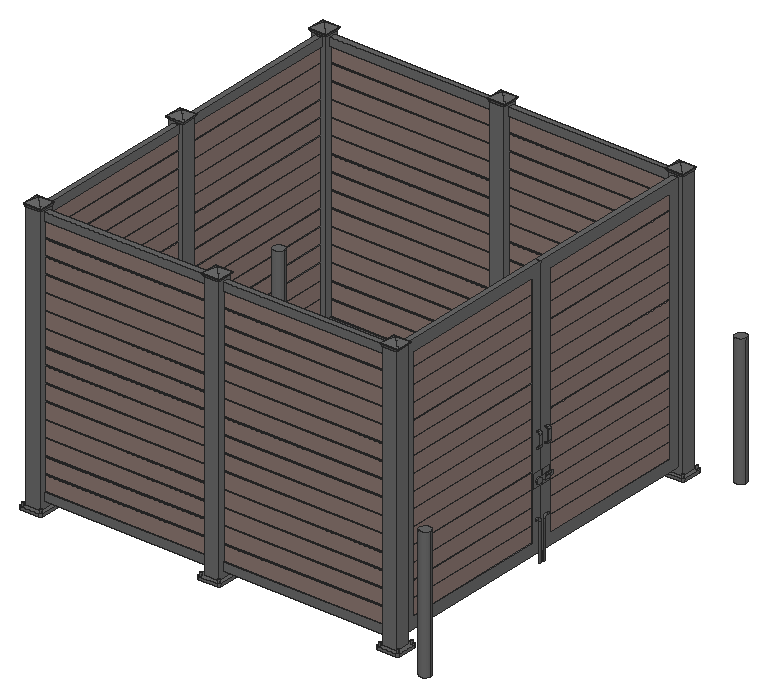
Revit family "Enclosure_System-CityScapes-Covrit-1111", category Specialty Equipment, Revit 2021
Family settings
  Round Connector Dimension = Use Diameter
  Part Type = Normal
  Work Plane-Based = No
  Always vertical = Yes
  Cut with Voids When Loaded = No
  Shared = No
  Room Calculation Point = No
Parameters (values of type "8' Height")
  Width = 11' - 0"  # constant formula
  URL = "https://cityscapesinc.com/"
  Square Posts Material [instance] = Aluminum - CityScapes - Electric Black
  Specification = "https://www.arcat.com/company/cityscapes-international-inc-40042/spec"
  Round Posts Material [instance] = Aluminum - CityScapes - Electric Black
  Product Page URL = "https://www.arcat.com/arcatcos/cos40/arc40042.html"
  Post Height = Square_Post-Covrit-CityScapes : Square Post 8'
  Panel Material [instance] = PVC Board - CityScapes - Plankwall - Sequoia
  Model = "Covrit Dumpster Enclosures"  # constant formula
  Manufacturer = "CityScapes"  # constant formula
  Length = 11' - 0"  # constant formula
  Keynote = "32 35 00 "
  Height = 8' - 0"
  Frame Material [instance] = Aluminum - CityScapes - Electric Black
  Description = "Dumpster Enclosure"  # constant formula
  Default Elevation = 0' - 0"
  Copyright = "© 2023 ARCAT"  # constant formula
  CAD Details = "https://www.arcat.com/company/cityscapes-international-inc-40042/cad"
Types (3): name | Post Height | Height
  6' Height | Square_Post-Covrit-CityScapes : Square Post 6' | 6' - 0"
  7' Height | Square_Post-Covrit-CityScapes : Square Post 7' | 7' - 0"
  8' Height | Square_Post-Covrit-CityScapes : Square Post 8' | 8' - 0"
Reference planes (in)
  plane 1 "Center (Front/Back)": y = 0
  plane 2: z = 0
  plane 3 "Center (Left/Right)": x = 0
  plane 4: x = 66
  plane 5: x = -66
  plane 6: y = 66
  plane 7: y = -66
  plane 8: z = 99.5
  plane 9: z = 3.5
Forms (in)
  Extrusion 1, solid, material "Aluminum - CityScapes - Electric Black" <- "Round Posts Material"
    sketch origin (0, 0, 0) x (1, 0, 0) y (0, 1, 0)
      loop
        circle (82.5, -73) r 2
      loop
        circle (82.5, 73) r 2
      loop
        circle (-53.99898, -30) r 2
      loop
        circle (-54, 30) r 2
    from 0 to 48
  Sweep 2, solid, material "Aluminum - CityScapes - Electric Black"
    path origin (-8.47973, -0.03543, 0) x (0, 1, 0) y (0, 0, 1)
      loop
        line (-1, 0) -> (-1, 14)
        arc (-1, 14) -> (-1.29289, 14.70711) -> (-2, 15) r 1
        line (-2, 15) -> (-2.75, 15)
    profile origin (-8.47973, -1.03543, 7) x (0, -1, 0) y (1, 0, 0)
      loop
        circle (0, 75.75) r 0.30152
  Sweep 3, solid, material "Aluminum - CityScapes - Electric Black"
    path origin (-8.5, 0, 0) x (1, 0, 0) y (0, 0, 1)
      loop
        line (75.46875, 38.76865) -> (75.96875, 38.76865)
        arc (75.96875, 38.76865) -> (76.67586, 39.06154) -> (76.96875, 39.76865) r 1
        line (76.96875, 39.76865) -> (76.96875, 43.26865)
        arc (76.96875, 43.26865) -> (76.67586, 43.97576) -> (75.96875, 44.26865) r 1
        line (75.96875, 44.26865) -> (75.46875, 44.26865)
    profile origin (68.46875, 0, 41.51865) x (-1, 0, 0) y (0, -1, 0)
      loop
        line (-0.125, -2.5) -> (0.125, -2.5) -> (0.125, -1.5) -> (-0.125, -1.5) -> (-0.125, -2.5)
      loop
        line (-0.125, 2.5) -> (-0.125, 1.5) -> (0.125, 1.5) -> (0.125, 2.5) -> (-0.125, 2.5)
  Sweep 4, solid, material "Aluminum - CityScapes - Electric Black"
    path origin (-8.47973, 0.03543, 0) x (0, -1, 0) y (0, 0, -1)
      loop
        line (-1, 0) -> (-1, -14)
        arc (-1, -14) -> (-1.29289, -14.70711) -> (-2, -15) r 1
        line (-2, -15) -> (-2.75, -15)
    profile origin (-8.47973, 1.03543, 7) x (0, -1, 0) y (1, 0, 0)
      loop
        circle (0, 75.75) r 0.30152
Lines and regions (in)
  symbolic lines
    curve 1: line (66, 66, 0) -> (132.875, 66, 0)
    curve 2: arc (66.875, 0, 0) -> (113.54405, 19.33095, 0) -> (132.875, 66, 0) r 66
    curve 3: line (66, -66, 0) -> (132.875, -66, 0)
    curve 4: arc (66.875, 0, 0) -> (113.54405, -19.33095, 0) -> (132.875, -66, 0) r 66
Dimensions and locks (in)
  "Width": plane 5 to plane 4
  equal spacing: plane 5, plane 3 "Center (Left/Right)", plane 4
  "Length": plane 6 to plane 7
  equal spacing: plane 6, plane 1 "Center (Front/Back)", plane 7
  "Height": plane 8 to plane 9
  plane 8 to plane 2 = 8' - 3 1/2"
  nested 11 to level = 0' - 3 1/2"
  nested 10 to nested 10 = 0' - 3 1/8"
  locked: nested 16 to plane 2 at 27.92857
  locked: plane 9 to plane 2 at 3.5
  nested 1 to nested 8 to nested 3 = 5' - 6", 5' - 6"
  nested 5 to nested 7 to nested 1 = 5' - 6", 5' - 6"
  nested 2 to plane 1 "Center (Front/Back)" to nested 3 = 5' - 3.49483", 5' - 3.36985"
  nested 5 to nested 6 to nested 2 = 5' - 6", 5' - 6"
  nested 5 to nested 2 = 11' - 0"
  aligned and locked: plane 2 to level
  aligned and locked: nested 3 to plane 6
  aligned and locked: nested 2 to plane 7
  aligned and locked: nested 2 to plane 4
  aligned and locked: plane 4 to nested 3
  aligned and locked: plane 5 to nested 1
  aligned and locked: nested 1 to plane 6
  aligned and locked: nested 5 to plane 7
  aligned and locked: nested 7 to plane 1 "Center (Front/Back)"
  aligned and locked: plane 3 "Center (Left/Right)" to nested 8
  aligned and locked: nested 8 to plane 6
  aligned and locked: nested 6 to plane 3 "Center (Left/Right)"
  aligned and locked: nested 6 to plane 7
  aligned and locked: Extrusion 1 to plane 2
  aligned and locked: nested 2 to plane 2
  aligned and locked: nested 3 to plane 2
  aligned and locked: plane 2 to nested 2
  aligned and locked: nested 6 to plane 2
  aligned and locked: nested 8 to plane 2
  aligned and locked: plane 2 to nested 6
  aligned and locked: nested 16 to plane 1 "Center (Front/Back)"
  aligned and locked: plane 6 to nested 4
  aligned and locked: plane 6 to nested 9
  aligned and locked: nested 13 to plane 5
  aligned and locked: nested 12 to plane 5
  aligned and locked: nested 10 to plane 7
  aligned and locked: nested 11 to plane 7
  aligned and locked: plane 4 to nested 14
  aligned and locked: nested 15 to plane 4
  aligned and locked: Sweep 3 to nested 14
Automatic sketch dimensions
  Extrusion 1 sketch curve to Extrusion 1 sketch curve = 0' - 0"  (x8)
  plane 5 to Extrusion 1 sketch curve = 1' - 0"
  plane 5 to Extrusion 1 sketch curve = 1' - 0.00102"
  Extrusion 1 sketch curve to plane 7 = 0' - 7"
  plane 4 to Extrusion 1 sketch curve = 1' - 4 1/2"  (x2)
  plane 6 to Extrusion 1 sketch curve = 0' - 7"
  plane 1 "Center (Front/Back)" to Extrusion 1 sketch curve = 2' - 6"
  Extrusion 1 sketch curve to plane 1 "Center (Front/Back)" = 2' - 6"
  Extrusion 1 sketch curve to Extrusion 1 sketch curve = 0' - 2"  (x4)
  Sweep 2 sketch curve to level = 0' - 0"
  plane 1 "Center (Front/Back)" to Sweep 2 sketch curve = 0' - 2.03543"
  Sweep 2 sketch curve to Sweep 2 sketch curve = 0' - 1"
  level to Sweep 2 sketch curve = 1' - 2"
  Sweep 2 sketch curve to Sweep 2 sketch curve = 0' - 0 3/4"
  Sweep 2 sketch curve to profile plane = 0' - 0"
  profile plane to Sweep 2 sketch curve = 6' - 3 3/4"
  Sweep 4 sketch curve to level = 0' - 0"
  Sweep 4 sketch curve to plane 1 "Center (Front/Back)" = 0' - 2.03543"
  Sweep 4 sketch curve to Sweep 4 sketch curve = 0' - 1"
  level to Sweep 4 sketch curve = 1' - 2"
  Sweep 4 sketch curve to Sweep 4 sketch curve = 0' - 0 3/4"
  Sweep 4 sketch curve to profile plane = 0' - 0"
  profile plane to Sweep 4 sketch curve = 6' - 3 3/4"
  plane 6 to curve 1 = 0' - 0"
  plane 7 to curve 3 = 0' - 0"
  plane 1 "Center (Front/Back)" to curve 2 = 0' - 0"
  plane 1 "Center (Front/Back)" to curve 4 = 0' - 0"
  plane 4 to curve 4 = 0' - 0 7/8"
  plane 4 to curve 2 = 0' - 0 7/8"
  curve 3 to curve 4 = 0' - 0 7/8"
  curve 1 to curve 2 = 0' - 0 7/8"
  Sweep 3 sketch curve to Sweep 3 sketch curve = 0' - 1"  (x4)
  level to Sweep 3 sketch curve = 3' - 2.76865"
  Sweep 3 sketch curve to Sweep 3 sketch curve = 0' - 3 1/2"
  Sweep 3 sketch curve to Sweep 3 sketch curve = 0' - 0 1/2"  (x2)
  profile plane to Sweep 3 sketch curve = 0' - 0 1/8"  (x2)
  Sweep 3 sketch curve to profile plane = 0' - 0 1/8"  (x2)
  Sweep 3 sketch curve to plane 1 "Center (Front/Back)" = 0' - 2 1/2"
  plane 1 "Center (Front/Back)" to Sweep 3 sketch curve = 0' - 1 1/2"
  plane 4 to Sweep 3 sketch curve = 0' - 1 15/32"
  radius of Sweep 2 sketch curve = 0' - 0.30152"
  radius of Sweep 4 sketch curve = 0' - 0.30152"
Nested families (in)
  nested 1: "Square_Post-Covrit-CityScapes" at (-66, 66, 0), type <- "Post Height", type "Square Post 8'"
  nested 2: "Square_Post-Covrit-CityScapes" at (66, -66, 0), type <- "Post Height", type "Square Post 8'"
  nested 3: "Square_Post-Covrit-CityScapes" at (66, 66, 0), type <- "Post Height", type "Square Post 8'"
  nested 4: "Panel-Covrit-CityScapes" at (-33.00071, 64.96875, 3.5) x (0, 1, 0) z (0, 0, 1), FRAME MATERIAL <- "Frame Material", MATERIAL <- "Panel Material", type "Panel"
    with Panel_Length 5' - 0 189/256", MATERIAL PVC Board - CityScapes - Plankwall - Sequoia, FRAME MATERIAL Aluminum - CityScapes - Electric Black
  nested 5: "Square_Post-Covrit-CityScapes" at (-66, -66, 0), type <- "Post Height", type "Square Post 8'"
  nested 6: "Square_Post-Covrit-CityScapes" at (0, -66, 0), type <- "Post Height", type "Square Post 8'"
  nested 7: "Square_Post-Covrit-CityScapes" at (-66, 0, 0), type <- "Post Height", type "Square Post 8'"
  nested 8: "Square_Post-Covrit-CityScapes" at (0, 66, 0), type <- "Post Height", type "Square Post 8'"
  nested 9: "Panel-Covrit-CityScapes" at (33, 64.96875, 3.5) x (0, 1, 0) z (0, 0, 1), FRAME MATERIAL <- "Frame Material", MATERIAL <- "Panel Material", type "Panel"
    with Panel_Length 5' - 0.73687", MATERIAL PVC Board - CityScapes - Plankwall - Sequoia, FRAME MATERIAL Aluminum - CityScapes - Electric Black
  nested 10: "Panel-Covrit-CityScapes" at (-33, -64.96875, 3.5) x (0, -1, 0) z (0, 0, 1), FRAME MATERIAL <- "Frame Material", MATERIAL <- "Panel Material", type "Panel"
    with Panel_Length 5' - 0.73687", MATERIAL PVC Board - CityScapes - Plankwall - Sequoia, FRAME MATERIAL Aluminum - CityScapes - Electric Black
  nested 11: "Panel-Covrit-CityScapes" at (33, -64.96875, 3.5) x (0, -1, 0) z (0, 0, 1), FRAME MATERIAL <- "Frame Material", MATERIAL <- "Panel Material", type "Panel"
    with Panel_Length 5' - 0.73687", MATERIAL PVC Board - CityScapes - Plankwall - Sequoia, FRAME MATERIAL Aluminum - CityScapes - Electric Black
  nested 12: "Panel-Covrit-CityScapes" at (-64.96875, -33.06249, 3.5) x (-1, 0, 0) z (0, 0, 1), FRAME MATERIAL <- "Frame Material", MATERIAL <- "Panel Material", type "Panel"
    with Panel_Length 5' - 0.86468", MATERIAL PVC Board - CityScapes - Plankwall - Sequoia, FRAME MATERIAL Aluminum - CityScapes - Electric Black
  nested 13: "Panel-Covrit-CityScapes" at (-64.96875, 32.93751, 3.5) x (-1, 0, 0) z (0, 0, 1), FRAME MATERIAL <- "Frame Material", MATERIAL <- "Panel Material", type "Panel"
    with Panel_Length 5' - 0.86468", MATERIAL PVC Board - CityScapes - Plankwall - Sequoia, FRAME MATERIAL Aluminum - CityScapes - Electric Black
  nested 14: "Gate-Panel-CityScapes" at (64.96875, 31.75, 3.5), FRAME MATERIAL <- "Frame Material", MATERIAL <- "Panel Material", type "Gate Panel"
    with Planks Length 4' - 7 1/2", Panel_Length 5' - 3 1/2", MATERIAL PVC Board - CityScapes - Plankwall - Sequoia, FRAME MATERIAL Aluminum - CityScapes - Electric Black, Planks Qunatity Aux 15, Planks Quantity 16, Panel_Height 8' - 0", Gap Between Planks 0' - 7 1/2"
  nested 15: "Gate-Panel-CityScapes" at (64.96875, -31.75, 3.5), FRAME MATERIAL <- "Frame Material", MATERIAL <- "Panel Material", type "Gate Panel"
    with Planks Length 4' - 7 1/2", Panel_Length 5' - 3 1/2", MATERIAL PVC Board - CityScapes - Plankwall - Sequoia, FRAME MATERIAL Aluminum - CityScapes - Electric Black, Planks Qunatity Aux 15, Planks Quantity 16, Panel_Height 8' - 0", Gap Between Planks 0' - 7 1/2"
  nested 16: "Gate-CityScapes-Modern_Latch" at (66, 0, 27.92857) x (0, 1, 0) z (0, 0, 1), type "Latch"
Definition of nested family "Square_Post-Covrit-CityScapes"
  Parameters (values of type "Square Post 7'")
    TPost_Height = 7' - 4"
    Post_DIM = 0' - 8.2682"
    Post Material = none
    Default Elevation = 0' - 0"
  Types (3): name | TPost_Height | Post_DIM
    Square Post 6' | 6' - 4" | 0' - 8.26536"
    Square Post 7' | 7' - 4" | 0' - 8.2682"
    Square Post 8' | 8' - 4" | 0' - 8.2682"
  Reference planes (in)
    plane 1 "Center (Front/Back)": y = 0
    plane 2: z = 0
    plane 3 "Center (Left/Right)": x = 0
    plane 4: x = 4.1341
    plane 5: y = 4.1341
    plane 6: y = -4.1341
    plane 7: x = -4.1341
    plane 8: z = 88
  Forms (in)
    Extrusion 1, solid, material <- "Post Material"
      sketch origin (0, 0, 0) x (1, 0, 0) y (0, 1, 0)
        loop
          line (2.63157, 2.50517) -> (-2.63157, 2.50517) -> (-2.63157, -2.63015) -> (2.63157, -2.63015) -> (2.63157, 2.50517)
      from 0 to 88
    Sweep 2, solid, material <- "Post Material"
      path in 3D
        loop
          line (-2.63157, 2.50517, 88) -> (-2.63157, -2.63015, 88) -> (2.63157, -2.63015, 88) -> (2.63157, 2.50517, 88) -> (-2.63157, 2.50517, 88)
      profile origin (0, 2.50517, 88) x (0, -1, 0) y (0, 0, 1)
        loop
          line (0, 0) -> (0, 0.0625) -> (-0.5, 0.92853) -> (-0.5, 1.1985) -> (2.50517, 2.93353) -> (2.50517, 2.96962) -> (-0.53125, 1.21654) -> (-0.53125, 0.92015) -> (0, 0)
    Extrusion 3, solid, material <- "Post Material"
      sketch origin (0, 0, 0) x (1, 0, 0) y (0, 1, 0)
        loop
          line (4.1341, -3.43396) -> (4.1341, 3.43396)
          arc (4.1341, 3.43396) -> (3.92903, 3.92903) -> (3.43396, 4.1341) r 0.70014
          line (3.43396, 4.1341) -> (-3.43396, 4.1341)
          arc (-3.43396, 4.1341) -> (-3.92903, 3.92903) -> (-4.1341, 3.43396) r 0.70014
          line (-4.1341, 3.43396) -> (-4.1341, -3.43396)
          arc (-4.1341, -3.43396) -> (-3.92903, -3.92903) -> (-3.43396, -4.1341) r 0.70014
          line (-3.43396, -4.1341) -> (3.43396, -4.1341)
          arc (3.43396, -4.1341) -> (3.92903, -3.92903) -> (4.1341, -3.43396) r 0.70014
      from 0 to 1
    Extrusion 4, solid, material <- "Post Material"
      sketch origin (0, 0, 0) x (1, 0, 0) y (0, 1, 0)
        loop
          circle (-3.38236, 3.27648) r 0.32836
        loop
          circle (3.29243, 3.27648) r 0.32836
        loop
          circle (3.29243, -3.27648) r 0.32836
        loop
          circle (-3.38236, -3.27648) r 0.32836
      from 0 to 2
  Cuts and joins
    joined: Extrusion 1, Sweep 2, Extrusion 3, Extrusion 4
  Lines and regions (in)
    sketch lines
      curve 1: line (2.63157, 2.50517, 88) -> (-2.63157, 2.50517, 88)
      curve 2: line (2.63157, -2.63015, 88) -> (2.63157, 2.50517, 88)
      curve 3: line (-2.63157, -2.63015, 88) -> (2.63157, -2.63015, 88)
      curve 4: line (-2.63157, 2.50517, 88) -> (-2.63157, -2.63015, 88)
  Dimensions and locks (in)
    "Post_DIM": plane 5 to plane 6
    "Post_DIM": plane 7 to plane 4
    "TPost_Height": plane 8 to plane 2
    equal spacing: cut or joined group of Extrusion 1, Sweep 2, Extrusion 3, Extrusion 4, plane 3 "Center (Left/Right)", cut or joined group of Extrusion 1, Sweep 2, Extrusion 3, Extrusion 4
    equal spacing: plane 7, plane 3 "Center (Left/Right)", plane 4
    aligned and locked: plane 2 to level
    aligned and locked: plane 8 to Extrusion 1
    aligned and locked: Extrusion 1 to plane 2
    aligned and locked: Sweep 2 sketch curve to profile plane
    aligned and locked: cut or joined group of Extrusion 1, Sweep 2, Extrusion 3, Extrusion 4 to plane 7
    aligned and locked: plane 4 to cut or joined group of Extrusion 1, Sweep 2, Extrusion 3, Extrusion 4
  Automatic sketch dimensions
    Extrusion 3 sketch curve to plane 6 = 0' - 0"
    Extrusion 3 sketch curve to plane 5 = 0' - 0"
    Extrusion 3 sketch curve to plane 4 = 0' - 0"
    Extrusion 3 sketch curve to plane 4 = 0' - 0.70014"  (x2)
    plane 7 to Extrusion 3 sketch curve = 0' - 0.70014"  (x2)
    plane 7 to Extrusion 3 sketch curve = 0' - 0"
    plane 7 to Extrusion 4 sketch curve = 0' - 0.75175"  (x2)
    Extrusion 4 sketch curve to plane 5 = 0' - 0.85762"  (x2)
    Extrusion 4 sketch curve to Extrusion 4 sketch curve = 0' - 0.32836"  (x4)
    Extrusion 4 sketch curve to plane 4 = 0' - 0.84167"  (x2)
    plane 6 to Extrusion 4 sketch curve = 0' - 0.85762"  (x2)
    Extrusion 4 sketch curve to Extrusion 4 sketch curve = 0' - 0"  (x2)
    plane 7 to Extrusion 1 sketch curve = 0' - 1.50253"
    plane 6 to Extrusion 1 sketch curve = 0' - 1.50395"
    Extrusion 1 sketch curve to plane 4 = 0' - 1.50253"
    Extrusion 1 sketch curve to plane 5 = 0' - 1.62893"
    Sweep 2 sketch curve to profile plane = 0' - 0"
    profile plane to Sweep 2 sketch curve = 0' - 0 1/2"
    Sweep 2 sketch curve to Sweep 2 sketch curve = 0' - 0 1/32"
    profile plane to Sweep 2 sketch curve = 0' - 0 1/16"
    profile plane to Sweep 2 sketch curve = 0' - 0.92015"
    Sweep 2 sketch curve to Sweep 2 sketch curve = 0' - 0.00837"
    Sweep 2 sketch curve to Sweep 2 sketch curve = 0' - 0.26997"
    Sweep 2 sketch curve to Sweep 2 sketch curve = 0' - 0.01804"
    Sweep 2 sketch curve to profile plane = 0' - 2.50517"
    Sweep 2 sketch curve to Sweep 2 sketch curve = 0' - 1.73504"
    Sweep 2 sketch curve to Sweep 2 sketch curve = 0' - 0.03608"
Definition of nested family "Panel-Covrit-CityScapes"
  Parameters (values of type "Covrit Panel")
    Planks Qunatity Aux = (Panel_Height - (0' 3 1/8" * 2) - Gap Between Planks) / 0' 5 1/2"  # 15
    Planks Quantity = (Panel_Height - (0' 3 1/8" * 2)) / 0' 5 1/2"  # 16
    Trim_Depth = 0' - 0 23/32"
    SOLID PANEL DEPTH = 0' - 1"
    Profile_Height = 0' - 5 1/2"  # constant formula
    Panel_Length [instance] = 6' - 0"
    Panel_Height = 8' - 0"
    MATERIAL [instance] = none
    Gap Between Planks = (Planks Quantity - 1) * 0' 0 1/2"  # 0' - 7 1/2"
    FRAME WIDTH = 0' - 3 1/8"  # constant formula
    FRAME MATERIAL [instance] = none
    FRAME DEPTH = 0' - 2"  # constant formula
    Description = ""
    Default Elevation = 0' - 0"
  Reference planes (in)
    plane 1 "Center (Front/Back)": y = 0
    plane 2: z = 0
    plane 3 "Center (Left/Right)": x = 0
    plane 4 "FrameLeft": y = 36
    plane 5 "FrameRight": y = -36
    plane 6 "top": z = 96
    plane 7 "framebottom": z = 92.875
    plane 8: z = 3.125
    plane 9: z = 48
    plane 10: x = 1.03125
    plane 11: x = 2
  Forms (in)
    Extrusion 1, solid, material <- "FRAME MATERIAL"
      sketch origin (0, 0, 0) x (0, 1, 0) y (0, 0, 1)
        loop
          line (36, 0) -> (36, 3.125) -> (-36, 3.125) -> (-36, 0) -> (36, 0)
        loop
          line (36, 96) -> (-36, 96) -> (-36, 92.875) -> (36, 92.875) -> (36, 96)
      from 0 to 2
    Extrusion 2, solid
      sketch origin (0, 0, 0) x (1, 0, 0) y (0, 0, 1)
        loop
          line (1.09375, 3.125) -> (1.09375, 92.875) -> (0.96875, 92.875) -> (0.96875, 3.125) -> (1.09375, 3.125)
      from -36 to 36
  Text (in)
    text "EXTERIOR" at (58.92048, 7.19966, 0), in view "Ref. Level"
    text "EXTERIOR" at (58.92048, 7.19966, 0), in view "Ref. Level Copy 1"
    text "EXTERIOR" at (40.89755, 0, 33.52979), in view "Side"
  Dimensions and locks (in)
    "Panel_Length": plane 4 "FrameLeft" to plane 5 "FrameRight"
    equal spacing: plane 4 "FrameLeft", plane 1 "Center (Front/Back)", plane 5 "FrameRight"  (x2)
    "FRAME WIDTH": plane 6 "top" to plane 7 "framebottom"
    "FRAME WIDTH": plane 8 to plane 2
    plane 4 "FrameLeft" to plane 5 "FrameRight" = 6' - 0"  (x2)
    equal spacing: plane 6 "top", plane 9, plane 2
    "Panel_Height": plane 6 "top" to plane 2
    plane 6 "top" to plane 2 = 8' - 0"
    equal spacing: group 1, group 3, group 4, group 5, group 6, group 7, group 8, group 9, group 10, group 11, group 12, group 13, group 14, group 15, group 2  (x3)
    "FRAME DEPTH": plane 11 to plane 3 "Center (Left/Right)"
    Extrusion 2 sketch curve to plane 10 to Extrusion 2 sketch curve = 0' - 0 1/16" locked, 0' - 0 1/16" locked
    aligned and locked: plane 2 to level
    aligned and locked: plane 4 "FrameLeft" to Extrusion 1 sketch curve
    aligned and locked: plane 6 "top" to Extrusion 1 sketch curve
    aligned and locked: plane 5 "FrameRight" to Extrusion 1 sketch curve
    aligned and locked: plane 2 to Extrusion 1 sketch curve
    aligned and locked: plane 7 "framebottom" to Extrusion 1 sketch curve
    aligned and locked: Extrusion 1 sketch curve to plane 8
    aligned and locked: Extrusion 1 to plane 3 "Center (Left/Right)"
    aligned and locked: nested 1 to plane 4 "FrameLeft"
    aligned and locked: nested 1 to plane 8
    aligned and locked: plane 10 to nested 1
    aligned and locked: plane 7 "framebottom" to nested 2
    aligned and locked: plane 10 to nested 2
    aligned and locked: plane 11 to Extrusion 1
    aligned and locked: plane 8 to Extrusion 2 sketch curve
    aligned and locked: Extrusion 2 sketch curve to plane 7 "framebottom"
    aligned and locked: plane 4 "FrameLeft" to Extrusion 2
    aligned and locked: Extrusion 2 to plane 5 "FrameRight"
  Automatic sketch dimensions
    Extrusion 1 sketch curve to plane 5 "FrameRight" = 0' - 0"
    Extrusion 1 sketch curve to plane 4 "FrameLeft" = 0' - 0"
  Nested families (in)
    nested 1: "PANEL TRIM" at (1.03125, 0, 3.125), MATERIAL <- "MATERIAL", type "PANEL TRIM"
      with Profile_Length 6' - 0", Profile_Height 0' - 5 1/2"
    nested 2: "PANEL TRIM" at (1.03125, 0, 87.375), MATERIAL <- "MATERIAL", type "PANEL TRIM"
      with Profile_Length 6' - 0", Profile_Height 0' - 5 1/2"
    nested 3: "PANEL TRIM" at (1.03125, 0, 9.14286), MATERIAL <- "MATERIAL", type "PANEL TRIM"
      with Profile_Length 6' - 0", Profile_Height 0' - 5 1/2"
    nested 4: "PANEL TRIM" at (1.03125, 0, 15.16071), MATERIAL <- "MATERIAL", type "PANEL TRIM"
      with Profile_Length 6' - 0", Profile_Height 0' - 5 1/2"
    nested 5: "PANEL TRIM" at (1.03125, 0, 21.17857), MATERIAL <- "MATERIAL", type "PANEL TRIM"
      with Profile_Length 6' - 0", Profile_Height 0' - 5 1/2"
    nested 6: "PANEL TRIM" at (1.03125, 0, 27.19643), MATERIAL <- "MATERIAL", type "PANEL TRIM"
      with Profile_Length 6' - 0", Profile_Height 0' - 5 1/2"
    nested 7: "PANEL TRIM" at (1.03125, 0, 33.21429), MATERIAL <- "MATERIAL", type "PANEL TRIM"
      with Profile_Length 6' - 0", Profile_Height 0' - 5 1/2"
    nested 8: "PANEL TRIM" at (1.03125, 0, 39.23214), MATERIAL <- "MATERIAL", type "PANEL TRIM"
      with Profile_Length 6' - 0", Profile_Height 0' - 5 1/2"
    nested 9: "PANEL TRIM" at (1.03125, 0, 45.25), MATERIAL <- "MATERIAL", type "PANEL TRIM"
      with Profile_Length 6' - 0", Profile_Height 0' - 5 1/2"
    nested 10: "PANEL TRIM" at (1.03125, 0, 51.26786), MATERIAL <- "MATERIAL", type "PANEL TRIM"
      with Profile_Length 6' - 0", Profile_Height 0' - 5 1/2"
    nested 11: "PANEL TRIM" at (1.03125, 0, 57.28571), MATERIAL <- "MATERIAL", type "PANEL TRIM"
      with Profile_Length 6' - 0", Profile_Height 0' - 5 1/2"
    nested 12: "PANEL TRIM" at (1.03125, 0, 63.30357), MATERIAL <- "MATERIAL", type "PANEL TRIM"
      with Profile_Length 6' - 0", Profile_Height 0' - 5 1/2"
    nested 13: "PANEL TRIM" at (1.03125, 0, 69.32143), MATERIAL <- "MATERIAL", type "PANEL TRIM"
      with Profile_Length 6' - 0", Profile_Height 0' - 5 1/2"
    nested 14: "PANEL TRIM" at (1.03125, 0, 75.33929), MATERIAL <- "MATERIAL", type "PANEL TRIM"
      with Profile_Length 6' - 0", Profile_Height 0' - 5 1/2"
    nested 15: "PANEL TRIM" at (1.03125, 0, 81.35714), MATERIAL <- "MATERIAL", type "PANEL TRIM"
      with Profile_Length 6' - 0", Profile_Height 0' - 5 1/2"
  Definition of nested family "PANEL TRIM"
    Parameters (values of type "PANEL TRIM")
      Profile_Length = 5' - 6"
      Profile_Height = 0' - 5"
      Profile_Depth = 0' - 0 23/32"
      MATERIAL [instance] = none
      Default Elevation = 0' - 0"
    Reference planes (in)
      plane 1 "Center (Front/Back)": y = 0
      plane 2: z = 0
      plane 3 "Center (Left/Right)": x = 0
      plane 4: z = 5
      plane 5: y = 33
      plane 6: y = -33
    Forms (in)
      Extrusion 1, solid, material <- "MATERIAL"
        sketch origin (-0.35938, 0, 0) x (1, 0, 0) y (0, 1, 0)
          loop
            line (-0.14062, 33) -> (-0.14062, -33) -> (0.85938, -33) -> (0.85938, 33) -> (-0.14062, 33)
        from 0 to 5
    Dimensions and locks (in)
      equal spacing: plane 6, plane 1 "Center (Front/Back)", plane 5
      "Profile_Length": plane 6 to plane 5
      "Profile_Height": plane 4 to plane 2
      aligned and locked: plane 2 to level
      aligned and locked: plane 5 to Extrusion 1 sketch curve
      aligned and locked: Extrusion 1 sketch curve to plane 6
      aligned and locked: plane 4 to Extrusion 1
      aligned and locked: Extrusion 1 to plane 2
    Automatic sketch dimensions
      Extrusion 1 sketch curve to plane 3 "Center (Left/Right)" = 0' - 0 1/2"
      plane 3 "Center (Left/Right)" to Extrusion 1 sketch curve = 0' - 0 1/2"
Definition of nested family "Gate-Panel-CityScapes"
  Parameters (values of type "Covrit Panel 1111 -  7'")
    Planks Qunatity Aux = (Panel_Height - (0' 4" * 2) - Gap Between Planks) / 0' 5 1/2"  # 13
    Planks Quantity = (Panel_Height - (0' 4" * 2)) / 0' 5 1/2"  # 14
    Trim_Depth = 0' - 0 23/32"
    SOLID PANEL DEPTH = 0' - 1"
    Profile_Height = 0' - 5 1/2"  # constant formula
    Planks Length [instance] = Panel_Length - (FRAME WIDTH * 2)  # 5' - 4"
    Panel_Length [instance] = 6' - 0"
    Panel_Height = 7' - 0"
    MATERIAL [instance] = none
    Gap Between Planks = (Planks Quantity - 1) * 0' 0 1/2"  # 0' - 6 1/2"
    FRAME WIDTH = 0' - 4"  # constant formula
    FRAME MATERIAL [instance] = none
    FRAME DEPTH = 0' - 2"  # constant formula
    Description = ""
    Default Elevation = 0' - 0"
  Types (3): name | Planks Qunatity Aux | Planks Quantity | Planks Length | Panel_Length | Panel_Height | Gap Between Planks
    Covrit Panel 1111 -  6' | 11 | 12 | 4' - 10" | 5' - 6" | 6' - 0" | 0' - 5 1/2"
    Covrit Panel 1111 -  7' | 13 | 14 | 5' - 4" | 6' - 0" | 7' - 0" | 0' - 6 1/2"
    Covrit Panel 1111 -  8' | 15 | 16 | 5' - 4" | 6' - 0" | 8' - 0" | 0' - 7 1/2"
  Reference planes (in)
    plane 1 "Center (Front/Back)": y = 0
    plane 2: z = 0
    plane 3 "Center (Left/Right)": x = 0
    plane 4 "FrameLeft": y = 36
    plane 5 "FrameRight": y = -36
    plane 6 "top": z = 84
    plane 7 "framebottom": z = 80
    plane 8: z = 4
    plane 9: z = 42
    plane 10: x = 1.03125
    plane 11: x = 2
    plane 12: y = -32
    plane 13: y = 32
  Forms (in)
    Extrusion 1, solid, material <- "FRAME MATERIAL"
      sketch origin (0, 0, 0) x (0, 1, 0) y (0, 0, 1)
        loop
          line (36, 0) -> (36, 84) -> (-36, 84) -> (-36, 0) -> (36, 0)
        loop
          line (32, 80) -> (-32, 80) -> (-32, 4) -> (32, 4) -> (32, 80)
      from 0 to 2
    Extrusion 2, solid
      sketch origin (0, 0, 0) x (1, 0, 0) y (0, 0, 1)
        loop
          line (1.09375, 4) -> (1.09375, 80) -> (0.96875, 80) -> (0.96875, 4) -> (1.09375, 4)
      from -32 to 32
  Text (in)
    text "EXTERIOR" at (58.92048, 7.19966, 0), in view "Ref. Level"
    text "EXTERIOR" at (58.92048, 7.19966, 0), in view "Ref. Level Copy 1"
    text "EXTERIOR" at (40.89755, 0, 33.52979), in view "Side"
  Dimensions and locks (in)
    "Panel_Length": plane 4 "FrameLeft" to plane 5 "FrameRight"
    equal spacing: plane 4 "FrameLeft", plane 1 "Center (Front/Back)", plane 5 "FrameRight"  (x2)
    "FRAME WIDTH": plane 6 "top" to plane 7 "framebottom"
    "FRAME WIDTH": plane 8 to plane 2
    plane 4 "FrameLeft" to plane 5 "FrameRight" = 6' - 0"  (x2)
    equal spacing: plane 6 "top", plane 9, plane 2
    "Panel_Height": plane 6 "top" to plane 2
    plane 6 "top" to plane 2 = 7' - 0"
    equal spacing: group 1, group 3, group 4, group 5, group 6, group 7, group 8, group 9, group 10, group 11, group 12, group 13, group 2  (x3)
    "FRAME DEPTH": plane 11 to plane 3 "Center (Left/Right)"
    Extrusion 2 sketch curve to plane 10 to Extrusion 2 sketch curve = 0' - 0 1/16" locked, 0' - 0 1/16" locked
    "FRAME WIDTH": plane 5 "FrameRight" to Extrusion 1 sketch curve
    "FRAME WIDTH": Extrusion 1 sketch curve to plane 4 "FrameLeft"
    "FRAME WIDTH": plane 5 "FrameRight" to plane 12
    "FRAME WIDTH": plane 13 to plane 4 "FrameLeft"
    aligned and locked: plane 2 to level
    aligned and locked: plane 4 "FrameLeft" to Extrusion 1 sketch curve
    aligned and locked: plane 6 "top" to Extrusion 1 sketch curve
    aligned and locked: plane 5 "FrameRight" to Extrusion 1 sketch curve
    aligned and locked: plane 2 to Extrusion 1 sketch curve
    aligned and locked: plane 7 "framebottom" to Extrusion 1 sketch curve
    aligned and locked: plane 8 to Extrusion 1 sketch curve
    aligned and locked: Extrusion 1 to plane 3 "Center (Left/Right)"
    aligned and locked: nested 1 to plane 8
    aligned and locked: plane 10 to nested 1
    aligned and locked: plane 7 "framebottom" to nested 2
    aligned and locked: plane 10 to nested 2
    aligned and locked: plane 11 to Extrusion 1
    aligned and locked: plane 8 to Extrusion 2 sketch curve
    aligned and locked: Extrusion 2 sketch curve to plane 7 "framebottom"
    aligned and locked: plane 1 "Center (Front/Back)" to nested 1
    aligned and locked: plane 13 to Extrusion 2
    aligned and locked: plane 12 to Extrusion 2
  Nested families (in)
    nested 1: "PANEL TRIM" at (1.03125, 0, 4), MATERIAL <- "MATERIAL", type "PANEL TRIM"
      with Profile_Length 5' - 4", Profile_Height 0' - 5 1/2"
    nested 2: "PANEL TRIM" at (1.03125, 0, 74.5), MATERIAL <- "MATERIAL", type "PANEL TRIM"
      with Profile_Length 5' - 4", Profile_Height 0' - 5 1/2"
    nested 3: "PANEL TRIM" at (1.03125, 0, 9.875), MATERIAL <- "MATERIAL", type "PANEL TRIM"
      with Profile_Length 5' - 4", Profile_Height 0' - 5 1/2"
    nested 4: "PANEL TRIM" at (1.03125, 0, 15.75), MATERIAL <- "MATERIAL", type "PANEL TRIM"
      with Profile_Length 5' - 4", Profile_Height 0' - 5 1/2"
    nested 5: "PANEL TRIM" at (1.03125, 0, 21.625), MATERIAL <- "MATERIAL", type "PANEL TRIM"
      with Profile_Length 5' - 4", Profile_Height 0' - 5 1/2"
    nested 6: "PANEL TRIM" at (1.03125, 0, 27.5), MATERIAL <- "MATERIAL", type "PANEL TRIM"
      with Profile_Length 5' - 4", Profile_Height 0' - 5 1/2"
    nested 7: "PANEL TRIM" at (1.03125, 0, 33.375), MATERIAL <- "MATERIAL", type "PANEL TRIM"
      with Profile_Length 5' - 4", Profile_Height 0' - 5 1/2"
    nested 8: "PANEL TRIM" at (1.03125, 0, 39.25), MATERIAL <- "MATERIAL", type "PANEL TRIM"
      with Profile_Length 5' - 4", Profile_Height 0' - 5 1/2"
    nested 9: "PANEL TRIM" at (1.03125, 0, 45.125), MATERIAL <- "MATERIAL", type "PANEL TRIM"
      with Profile_Length 5' - 4", Profile_Height 0' - 5 1/2"
    nested 10: "PANEL TRIM" at (1.03125, 0, 51), MATERIAL <- "MATERIAL", type "PANEL TRIM"
      with Profile_Length 5' - 4", Profile_Height 0' - 5 1/2"
    nested 11: "PANEL TRIM" at (1.03125, 0, 56.875), MATERIAL <- "MATERIAL", type "PANEL TRIM"
      with Profile_Length 5' - 4", Profile_Height 0' - 5 1/2"
    nested 12: "PANEL TRIM" at (1.03125, 0, 62.75), MATERIAL <- "MATERIAL", type "PANEL TRIM"
      with Profile_Length 5' - 4", Profile_Height 0' - 5 1/2"
    nested 13: "PANEL TRIM" at (1.03125, 0, 68.625), MATERIAL <- "MATERIAL", type "PANEL TRIM"
      with Profile_Length 5' - 4", Profile_Height 0' - 5 1/2"
  Definition of nested family "PANEL TRIM"
    Parameters (values of type "PANEL TRIM")
      Profile_Length = 5' - 6"
      Profile_Height = 0' - 5"
      Profile_Depth = 0' - 0 23/32"
      MATERIAL [instance] = none
      Default Elevation = 0' - 0"
    Reference planes (in)
      plane 1 "Center (Front/Back)": y = 0
      plane 2: z = 0
      plane 3 "Center (Left/Right)": x = 0
      plane 4: z = 5
      plane 5: y = 33
      plane 6: y = -33
    Forms (in)
      Extrusion 1, solid, material <- "MATERIAL"
        sketch origin (-0.35938, 0, 0) x (1, 0, 0) y (0, 1, 0)
          loop
            line (-0.14062, 33) -> (-0.14062, -33) -> (0.85938, -33) -> (0.85938, 33) -> (-0.14062, 33)
        from 0 to 5
    Dimensions and locks (in)
      equal spacing: plane 6, plane 1 "Center (Front/Back)", plane 5
      "Profile_Length": plane 6 to plane 5
      "Profile_Height": plane 4 to plane 2
      aligned and locked: plane 2 to level
      aligned and locked: plane 5 to Extrusion 1 sketch curve
      aligned and locked: Extrusion 1 sketch curve to plane 6
      aligned and locked: plane 4 to Extrusion 1
      aligned and locked: Extrusion 1 to plane 2
    Automatic sketch dimensions
      Extrusion 1 sketch curve to plane 3 "Center (Left/Right)" = 0' - 0 1/2"
      plane 3 "Center (Left/Right)" to Extrusion 1 sketch curve = 0' - 0 1/2"
Definition of nested family "Gate-CityScapes-Modern_Latch"
  Parameters (values of type "Latch")
    URL = ""
    Product Page URL = ""
    Model = ""
    Manufacturer = "CityScapes"  # constant formula
    Keynote = ""
    Description = ""
    Default Elevation = 0' - 0"
    Copyright = "© 2023 ARCAT"  # constant formula
    CAD Details = ""
  Reference planes (in)
    plane 1 "Center (Front/Back)": y = 0
    plane 2: z = 0
    plane 3 "Center (Left/Right)": x = 0
    plane 4: y = -0.96875
  Forms (in)
    Extrusion 1, solid
      sketch origin (0, 0, 0) x (1, 0, 0) y (0, 0, 1)
        loop
          line (-3.5, 2.5) -> (-3.5, -2.5) -> (-0.5, -2.5) -> (-0.5, 2.5) -> (-3.5, 2.5)
        loop
          line (3.5, 2.5) -> (0.5, 2.5) -> (0.5, -2.5) -> (3.5, -2.5) -> (3.5, 2.5)
      from 0.96875 to 1.21875
    Extrusion 2, solid
      sketch origin (0, 0, 0) x (1, 0, 0) y (0, 0, 1)
        loop
          arc (-2, 0.75) -> (-2.75, 0) -> (-2, -0.75) r 0.75
          line (-2, -0.75) -> (4, -0.75)
          arc (4, -0.75) -> (4.75, 0) -> (4, 0.75) r 0.75
          line (4, 0.75) -> (-2, 0.75)
      from 1.34375 to 1.59375
    Extrusion 3, solid
      sketch origin (0, 0, 0) x (1, 0, 0) y (0, 0, 1)
        loop
          circle (-2, 0) r 1
      from 1.59375 to 2.09375
    Extrusion 4, solid
      sketch origin (0, 0, 0) x (0, 1, 0) y (0, 0, 1)
        loop
          line (-1.34375, 1) -> (-2.34375, 1) -> (-2.34375, 0.75) -> (-1.65625, 0.75) -> (-1.34375, 0.75) -> (-1.34375, 1)
        loop
          line (-1.21875, -0.75) -> (-1.71875, -0.75) -> (-1.71875, 0.6736) -> (-2.34375, 0.6736) -> (-2.34375, 0.4236) -> (-1.96732, 0.4236) -> (-1.96732, -1) -> (-1.21875, -1) -> (-1.21875, -0.75)
      from 1.00446 to 3.00446
  Cuts and joins
    joined: Extrusion 2, Extrusion 4
  Dimensions and locks (in)
    Extrusion 1 sketch curve to Extrusion 1 sketch curve to plane 3 "Center (Left/Right)" to Extrusion 1 sketch curve to Extrusion 1 sketch curve = 0' - 3" locked, 0' - 0 1/2" locked, 0' - 0 1/2" locked, 0' - 3" locked
    plane 4 to plane 1 "Center (Front/Back)" = 0' - 0 31/32"
    locked: Extrusion 1 to plane 4 at 0.25
    Extrusion 2 to Extrusion 2 to plane 4 = 0' - 0 1/4" locked, 0' - 0 3/8" locked
    locked: Extrusion 4 to Extrusion 4 at 2
    aligned and locked: plane 2 to level
    aligned and locked: Extrusion 1 to plane 4
